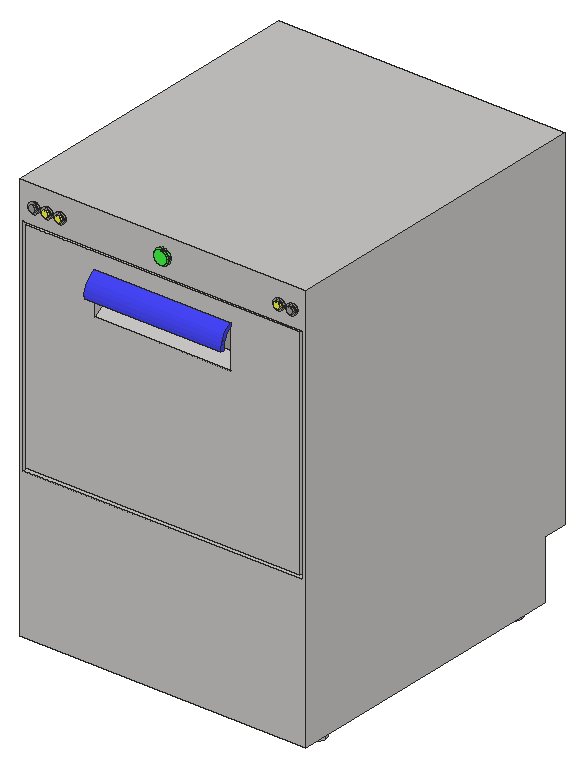
Revit family "QF_ELECTROLUXPROFESSIONAL_402274_EXSP", category Specialty Equipment, Revit 2018
Family settings
  Round Connector Dimension = Use Diameter
  Part Type = Normal
  Work Plane-Based = No
  Always vertical = Yes
  Cut with Voids When Loaded = No
  Shared = No
  Room Calculation Point = No
Parameters
  Weight = 34.50 kg
  Watts = 0 W
  Volts = 0 V
  URL Manufacturer = ""
  URL = "http://professional.electrolux.com/"
  Steam Supply Size = 0 mm
  Steam Supply Minimum Pressure = 0.0 Pa
  Steam Supply Maximum Pressure = 0.0 Pa
  Steam Pounds per Hour = 0
  Show Logo [instance] = yes
  Show Clearance [instance] = yes
  Refrigeration Suction Line Size = 0 mm
  Refrigeration Liquid Line Size = 0 mm
  Refrigerant Compressor Remote = yes
  Manufacturer = ""
  Phase = 0
  Model = ""
  Length Actual = 440 mm  # constant formula
  Item Number = ""
  Hot Water Size = 0 mm
  Height Actual = 640 mm  # constant formula
  HP = "0 HP"
  Gas Size = 0 mm
  Gas KW = 0
  Gas Input Pressure = 0 W
  Direct Waste Size = 29 mm
  Description = ""
  Depth Actual = 497 mm  # constant formula
  Cycle = 0 Hz
  Condensate Return Size = 0 mm
  Compressed Air Volume = 0.0 L/s
  Compressed Air Size = 0 mm
  Compressed Air Pressure = 0.0 Pa
  Cold Water Size = 0 mm
  Accessory = yes
Types (2, lengths in mm): name | Volts | URL Manufacturer | URL | Manufacturer | Phase | Model | Item Number | Description | Cycle | Cold Water Size
  (no name) | 0 V | "" | "http://professional.electrolux.com/" | "" | 0 | "" | "" | "" | 0 Hz | 0
  Standard | 220 V | "http://professional.electrolux.com" | "http://professional.electrolux.com" | "Electrolux Professional" | 1 | "EXSP" | "402274" | "GLASSWASHER(XS), SINGLE SKIN, DRAIN PUMP, 30B/H" | 50 Hz | 19.05
Reference planes
  plane 1 "Center (Front/Back)": y = 0
  plane 2: z = 0
  plane 3 "Center (Left/Right)": x = 0
  plane 4 "LEFT": x = -220
  plane 5 "RIGHT": x = 220
  plane 6 "FRONT": y = -248.5
  plane 7 "BACK": y = 248.5
  plane 8: z = 640
  plane 9: z = 10
  plane 10: y = 209.5
Forms (mm)
  Extrusion 1, solid, material "QF_Finishes_Stainless Steel"
    sketch origin (0, 0, 0) x (1, 0, 0) y (0, 1, 0)
      loop
        line (-220, -248.5) -> (220, -248.5) -> (220, 209.5) -> (-220, 209.5) -> (-220, -248.5)
    from 10 to 640
  Extrusion 2, solid, material "QF_Finishes_Stainless Steel"
    sketch origin (0, 0, 0) x (1, 0, 0) y (0, 1, 0)
      loop
        line (-220, 209.5) -> (220, 209.5) -> (220, 248.5) -> (-220, 248.5) -> (-220, 209.5)
    from 100 to 640
  Extrusion 3, solid, material "QF_Finishes_Stainless Steel"
    sketch origin (0, 0, 0) x (1, 0, 0) y (0, 1, 0)
      loop
        circle (-200.5, 174.5) r 12.5
      loop
        circle (200.5, 174.5) r 12.5
      loop
        circle (-200.5, -201.5) r 12.5
      loop
        circle (200.5, -201.5) r 12.5
    from 0 to 10
  Extrusion 4, void
    sketch origin (-220, -248.5, 0) x (-1, 0, 0) y (0, 0, 1)
      loop
        line (-5, 583.217) -> (-435, 583.217) -> (-435, 240) -> (-5, 240) -> (-5, 583.217)
    from 0 to 30
  Extrusion 5, solid, material "QF_Finishes_Stainless Steel"
    sketch origin (-155, -431, 752) x (0, 0, -1) y (1, 0, 0)
      loop
        circle (693, 223) r 10
    from -640.5 to -679.5
  Extrusion 6, solid, material "QF_Door-Drawer Clearances", visible <- "Show Clearance", detail levels coarse
    sketch origin (-230, -282.5, 0) x (0, 1, 0) y (0, 0, -1)
      loop
        line (34, -245) -> (-259, -245)
        arc (-259, -245) -> (-178.223, -469.983) -> (34, -580) r 327.223
        line (34, -580) -> (34, -245)
    from -20 to -440
  Extrusion 7, solid, material "QF_Finishes_Stainless Steel"
    sketch origin (-434.481, -431, 722) x (0, 0, -1) y (1, 0, 0)
      loop
        circle (663, 332.481) r 8
    from -640.5 to -679.5
  Extrusion 8, solid, material "QF_Finishes_Stainless Steel"
    sketch origin (-230, -282.5, 0) x (0, 1, 0) y (0, 0, -1)
      loop
        line (34, -245) -> (34, -580) -> (59, -580) -> (59, -245) -> (34, -245)
    from -19.799 to -440
  Extrusion 9, solid, material "QF_Finishes_Stainless Steel"
    sketch origin (-275, -431, 682.5) x (0, 0, -1) y (1, 0, 0)
      loop
        circle (663, 238) r 8
    from -640.5 to -679.5
  Extrusion 10, solid, material "QF_Finishes_Green"
    sketch origin (-230, -248.5, 0) x (1, 0, 0) y (0, 0, 1)
      loop
        circle (230, 610.819) r 12
      loop
        circle (230, 610.819) r 10
    from 0 to 2.5
  Extrusion 11, void
    sketch origin (-225.452, 209.5, 42.5) x (0, 1, 0) y (0, 0, 1)
      loop
        line (-458, 508.217) -> (-458, 447.5) -> (-436.349, 460) -> (-458, 508.217)
    from 120.452 to 330.452
  Extrusion 12, solid, material "QF_Finishes_Blue"
    sketch origin (-220, 209.5, 0) x (0, -1, 0) y (0, 0, 1)
      loop
        line (458, 555.863) -> (458, 550.513)
        arc (458, 550.513) -> (469.966, 539.801) -> (472.861, 524.005) r 24.803
        line (472.861, 524.005) -> (477.907, 524.005)
        arc (477.907, 524.005) -> (473.605, 543.465) -> (458, 555.863) r 29.803
    from -325 to -115
  Extrusion 13, solid, material "QF_Finishes_Green"
    sketch origin (234, -248.5, -28.75) x (-1, 0, 0) y (0, 0, -1)
      loop
        circle (234, -639.569) r 10
    from 0 to 5
  Extrusion 14, solid, material "QF_Finishes_Gray"
    sketch origin (109.577, -248.5, -30.575) x (-1, 0, 0) y (0, 0, -1)
      loop
        circle (306.936, -638.972) r 5
    from 0 to 5
  Extrusion 15, solid, material "QF_Finishes_Gray"
    sketch origin (-63.82, -248.5, -35.2) x (1, 0, 0) y (0, 0, 1)
      loop
        circle (262.936, 643.347) r 8
      loop
        circle (262.936, 643.347) r 5
      loop
        circle (242.936, 643.347) r 8
      loop
        circle (242.936, 643.347) r 5
    from 0 to 2.5
  Extrusion 16, solid, material "QF_Finishes_Gray"
    sketch origin (-87.82, -248.5, -30.825) x (1, 0, 0) y (0, 0, 1)
      loop
        circle (286.936, 638.972) r 5
    from 0 to 5
  Extrusion 17, solid, material "QF_Finishes_Gray"
    sketch origin (85.577, -248.5, -34.95) x (-1, 0, 0) y (0, 0, -1)
      loop
        circle (262.936, -643.347) r 8
      loop
        circle (262.936, -643.347) r 5
      loop
        circle (242.936, -643.347) r 8
      loop
        circle (242.936, -643.347) r 5
      loop
        circle (282.936, -643.347) r 8
      loop
        circle (282.936, -643.347) r 5
    from 0 to 2.5
  Extrusion 18, solid, material "QF_Finishes_Yellow"
    sketch origin (129.577, -248.5, -30.575) x (-1, 0, 0) y (0, 0, -1)
      loop
        circle (306.936, -638.972) r 5
    from 0 to 5
  Extrusion 19, solid, material "QF_Finishes_Yellow"
    sketch origin (149.577, -248.5, -30.575) x (-1, 0, 0) y (0, 0, -1)
      loop
        circle (306.936, -638.972) r 5
    from 0 to 5
  Extrusion 20, solid, material "QF_Finishes_Yellow"
    sketch origin (486.051, -248.5, -30.825) x (-1, 0, 0) y (0, 0, -1)
      loop
        circle (306.936, -638.972) r 5
    from 0 to 5
Cuts and joins
  Extrusion 4 cuts Extrusion 1
  joined: Extrusion 1, Extrusion 2
  Extrusion 11 cuts Extrusion 8
Lines and regions (mm)
  Split face 1
    outline origin (-220, -248.5, 640) x (0, 0, -1) y (1, 0, 0)
      loop
        line (56.783, 5) -> (56.783, 0)
      loop
        line (56.783, 435) -> (56.783, 440)
      loop
        line (22.034, 440) -> (22.034, 369.297)
        arc (22.034, 369.297) -> (22.64, 366.25) -> (24.366, 363.667) r 7.962
        line (24.366, 363.667) -> (44.289, 343.744)
        arc (44.289, 343.744) -> (46.135, 340.982) -> (46.783, 337.723) r 8.515
        line (46.783, 337.723) -> (46.783, 239.844)
        arc (46.783, 239.844) -> (46.096, 238.186) -> (44.439, 237.5) r 2.344
        line (44.439, 237.5) -> (15.017, 237.5)
        arc (15.017, 237.5) -> (12.73, 236.553) -> (11.783, 234.266) r 3.234
        line (11.783, 234.266) -> (11.783, 220) -> (11.783, 205.734)
        arc (11.783, 205.734) -> (12.73, 203.447) -> (15.017, 202.5) r 3.234
        line (15.017, 202.5) -> (44.439, 202.5)
        arc (44.439, 202.5) -> (46.096, 201.814) -> (46.783, 200.156) r 2.344
        line (46.783, 200.156) -> (46.783, 102.277)
        arc (46.783, 102.277) -> (46.135, 99.018) -> (44.289, 96.256) r 8.515
        line (44.289, 96.256) -> (24.366, 76.333)
        arc (24.366, 76.333) -> (22.64, 73.75) -> (22.034, 70.703) r 7.962
        line (22.034, 70.703) -> (22.034, 0)
  symbolic lines
    curve 1: line (-220, 248.5, 0) -> (220, 248.5, 0)
    curve 2: line (-220, -248.5, 0) -> (-220, 248.5, 0)
    curve 3: line (220, -248.5, 0) -> (-220, -248.5, 0)
    curve 4: line (220, 248.5, 0) -> (220, -248.5, 0)
    curve 8: line (-12, -251, 0) -> (12, -251, 0)
    curve 9: line (12, -251, 0) -> (12, -248.5, 0)
    curve 10: line (-12, -251, 0) -> (-12, -248.5, 0)
    curve 11: line (-10, -253.5, 0) -> (10, -253.5, 0)
    curve 12: line (10, -253.5, 0) -> (10, -251, 0)
    curve 13: line (-10, -253.5, 0) -> (-10, -251, 0)
    curve 16: line (-205.359, -251, 0) -> (-205.359, -248.5, 0)
    curve 17: line (-189.368, -251, 0) -> (-189.368, -248.5, 0)
    curve 18: line (-202.346, -253.5, 0) -> (-192.355, -253.5, 0)
    curve 19: line (-192.355, -253.5, 0) -> (-192.355, -251, 0)
    curve 20: line (-202.346, -253.5, 0) -> (-202.346, -251, 0)
    curve 21: line (-185.355, -251, 0) -> (-169.355, -251, 0)
    curve 22: line (-169.355, -251, 0) -> (-169.355, -248.5, 0)
    curve 23: line (-185.355, -251, 0) -> (-185.355, -248.5, 0)
    curve 24: line (-182.355, -253.5, 0) -> (-172.355, -253.5, 0)
    curve 25: line (-172.355, -253.5, 0) -> (-172.355, -251, 0)
    curve 26: line (-182.355, -253.5, 0) -> (-182.355, -251, 0)
    curve 27: line (-165.355, -251, 0) -> (-149.355, -251, 0)
    curve 28: line (-149.355, -251, 0) -> (-149.355, -248.5, 0)
    curve 29: line (-165.355, -251, 0) -> (-165.355, -248.5, 0)
    curve 30: line (-162.355, -253.5, 0) -> (-152.355, -253.5, 0)
    curve 31: line (-152.355, -253.5, 0) -> (-152.355, -251, 0)
    curve 32: line (-162.355, -253.5, 0) -> (-162.355, -251, 0)
    curve 33: line (171.115, -251, 0) -> (187.115, -251, 0)
    curve 34: line (187.115, -251, 0) -> (187.115, -248.5, 0)
    curve 35: line (174.115, -253.5, 0) -> (184.115, -253.5, 0)
    curve 36: line (184.115, -253.5, 0) -> (184.115, -251, 0)
    curve 37: line (174.115, -253.5, 0) -> (174.115, -251, 0)
    curve 38: line (171.115, -251, 0) -> (171.115, -248.5, 0)
    curve 39: line (191.115, -251, 0) -> (207.115, -251, 0)
    curve 40: line (207.115, -251, 0) -> (207.115, -248.5, 0)
    curve 41: line (194.115, -253.5, 0) -> (204.115, -253.5, 0)
    curve 42: line (204.115, -253.5, 0) -> (204.115, -251, 0)
    curve 43: line (194.115, -253.5, 0) -> (194.115, -251, 0)
    curve 44: line (191.115, -251, 0) -> (191.115, -248.5, 0)
    curve 45: line (-105, -248.5, 0) -> (-105, -268.634, 0)
    curve 46: line (105, -248.5, 0) -> (105, -268.634, 0)
    curve 47: line (105, -268.634, 0) -> (-105, -268.634, 0)
  symbolic lines, style "QF_Door-Drawer Clearances"
    curve 5: line (-210, -541.5, 0) -> (210, -541.5, 0)
    curve 6: line (210, -541.5, 0) -> (210, -248.5, 0)
    curve 7: line (-210, -541.5, 0) -> (-210, -248.5, 0)
  symbolic lines, style "SpecialityEquipmentHiddenLines"
    curve 14: line (-220, 209.5, 0) -> (220, 209.5, 0)
  symbolic lines, style "SpecialityEquipment"
    curve 15: line (-205.359, -251, 0) -> (-189.368, -251, 0)
Dimensions and locks
  equal spacing: plane 4 "LEFT", plane 3 "Center (Left/Right)", plane 5 "RIGHT"
  equal spacing: plane 7 "BACK", plane 1 "Center (Front/Back)", plane 6 "FRONT"
  plane 7 "BACK" to plane 6 "FRONT" = 497 mm
  plane 4 "LEFT" to plane 5 "RIGHT" = 440 mm
  locked: plane 9 to level at 10
  plane 4 "LEFT" to plane 3 "Center (Left/Right)" = 220 mm
  plane 8 to level = 640 mm  (x2)
  level to Extrusion 9 sketch curve = 19.5 mm
  Extrusion 9 sketch curve to plane 4 "LEFT" = 183 mm
  level to Extrusion 5 sketch curve = 59 mm
  Extrusion 5 sketch curve to plane 4 "LEFT" = 288 mm
  Extrusion 7 sketch curve to plane 4 "LEFT" = 118 mm
  level to Extrusion 7 sketch curve = 59 mm
  Extrusion 3 to cut or joined group of Extrusion 1, Extrusion 2, Extrusion 4 = 74 mm
  Extrusion 3 to Extrusion 3 = 376 mm
  plane 6 "FRONT" to Extrusion 3 = 47 mm
  plane 1 "Center (Front/Back)" to plane 6 "FRONT" = 248.5 mm
  locked: plane 7 "BACK" to plane 10 at 39
  plane 6 "FRONT" to curve 5 = 293 mm
  Extrusion 8 to cut or joined group of Extrusion 1, Extrusion 2, Extrusion 4 = 340 mm
  aligned and locked: level to plane 2
  aligned and locked: Extrusion 1 sketch curve to plane 6 "FRONT"
  aligned and locked: Extrusion 1 sketch curve to plane 4 "LEFT"
  aligned and locked: plane 5 "RIGHT" to Extrusion 1 sketch curve
  aligned and locked: Extrusion 1 to plane 9
  aligned and locked: Extrusion 2 sketch curve to Extrusion 1
  aligned and locked: plane 7 "BACK" to Extrusion 2 sketch curve
  aligned and locked: plane 5 "RIGHT" to Extrusion 2 sketch curve
  aligned and locked: plane 9 to Extrusion 3
  aligned and locked: cut or joined group of Extrusion 1, Extrusion 2, Extrusion 4 to plane 10
Automatic sketch dimensions
  Extrusion 11 sketch curve to plane 6 "FRONT" = 0 mm
  plane 6 "FRONT" to Extrusion 11 sketch curve = 21.651 mm
  Extrusion 11 sketch curve to plane 8 = 150 mm
  Extrusion 11 sketch curve to Extrusion 11 sketch curve = 12.5 mm
  Extrusion 11 sketch curve to Extrusion 11 sketch curve = 48.217 mm
  Extrusion 13 sketch curve to Extrusion 13 sketch curve = 0 mm  (x2)
  Extrusion 13 sketch curve to plane 3 "Center (Left/Right)" = 0 mm
  Extrusion 13 sketch curve to plane 8 = 29.181 mm
  plane 3 "Center (Left/Right)" to Extrusion 13 sketch curve = 10 mm
  Extrusion 14 sketch curve to Extrusion 14 sketch curve = 0 mm  (x2)
  Extrusion 14 sketch curve to plane 8 = 31.603 mm
  Extrusion 14 sketch curve to plane 3 "Center (Left/Right)" = 197.359 mm
  Extrusion 14 sketch curve to Extrusion 14 sketch curve = 5 mm
  Extrusion 15 sketch curve to Extrusion 15 sketch curve = 0 mm  (x5)
  plane 3 "Center (Left/Right)" to Extrusion 15 sketch curve = 179.115 mm
  Extrusion 15 sketch curve to Extrusion 15 sketch curve = 20 mm
  Extrusion 15 sketch curve to plane 8 = 31.853 mm
  Extrusion 16 sketch curve to plane 8 = 31.853 mm
  plane 3 "Center (Left/Right)" to Extrusion 16 sketch curve = 199.115 mm
  Extrusion 16 sketch curve to Extrusion 16 sketch curve = 5 mm
  Extrusion 17 sketch curve to Extrusion 17 sketch curve = 0 mm  (x8)
  Extrusion 17 sketch curve to plane 3 "Center (Left/Right)" = 157.359 mm
  Extrusion 17 sketch curve to Extrusion 17 sketch curve = 20 mm  (x2)
  Extrusion 17 sketch curve to plane 8 = 31.603 mm
  Extrusion 18 sketch curve to Extrusion 18 sketch curve = 0 mm  (x2)
  Extrusion 18 sketch curve to plane 8 = 31.603 mm
  Extrusion 18 sketch curve to plane 3 "Center (Left/Right)" = 177.359 mm
  Extrusion 18 sketch curve to Extrusion 18 sketch curve = 5 mm
  Extrusion 19 sketch curve to Extrusion 19 sketch curve = 0 mm  (x2)
  Extrusion 19 sketch curve to plane 3 "Center (Left/Right)" = 157.359 mm
  Extrusion 19 sketch curve to plane 8 = 31.603 mm
  Extrusion 19 sketch curve to Extrusion 19 sketch curve = 5 mm
  Extrusion 20 sketch curve to Extrusion 20 sketch curve = 0 mm  (x2)
  plane 3 "Center (Left/Right)" to Extrusion 20 sketch curve = 179.115 mm
  Extrusion 20 sketch curve to plane 8 = 31.853 mm
  Extrusion 20 sketch curve to Extrusion 20 sketch curve = 5 mm
  Extrusion 6 sketch curve to plane 6 "FRONT" = 0 mm
  Extrusion 6 sketch curve to plane 6 "FRONT" = 293 mm
  plane 6 "FRONT" to Extrusion 6 sketch curve = 34.083 mm
  Extrusion 6 sketch curve to plane 8 = 60 mm
  level to Extrusion 6 sketch curve = 254.557 mm
  Extrusion 1 sketch curve to plane 10 = 0 mm
  Extrusion 2 sketch curve to plane 10 = 0 mm
  plane 4 "LEFT" to Extrusion 3 sketch curve = 19.5 mm  (x2)
  Extrusion 3 sketch curve to plane 5 "RIGHT" = 19.5 mm  (x2)
  plane 6 "FRONT" to Extrusion 3 sketch curve = 47 mm  (x2)
  Extrusion 3 sketch curve to plane 10 = 35 mm  (x2)
  Extrusion 4 sketch curve to Extrusion 1 = 5 mm  (x2)
  Extrusion 4 sketch curve to Extrusion 1 = 230 mm
  Extrusion 4 sketch curve to Extrusion 1 = 56.783 mm
  Extrusion 8 sketch curve to plane 6 "FRONT" = 0 mm
  Extrusion 8 sketch curve to Extrusion 8 sketch curve = 25 mm
  Extrusion 8 sketch curve to plane 8 = 60 mm
  plane 9 to Extrusion 8 sketch curve = 235 mm
  Extrusion 10 sketch curve to Extrusion 10 sketch curve = 0 mm  (x2)
  Extrusion 1 to Extrusion 10 sketch curve = 29.181 mm
  Extrusion 1 to Extrusion 10 sketch curve = 220 mm
  Extrusion 12 sketch curve to Extrusion 12 sketch curve = 0 mm  (x2)
  Extrusion 12 sketch curve to Extrusion 1 = 0 mm
  Extrusion 12 sketch curve to Extrusion 1 = 9.669 mm
  Extrusion 1 to Extrusion 12 sketch curve = 14.861 mm
  Extrusion 12 sketch curve to Extrusion 12 sketch curve = 5.046 mm
  Extrusion 1 to Extrusion 12 sketch curve = 115.995 mm
  Extrusion 12 sketch curve to Extrusion 12 sketch curve = 3.668 mm
  cut or joined group of Extrusion 1, Extrusion 2, Extrusion 4 to Split face 1 sketch curve = 0 mm  (x2)
  Split face 1 sketch curve to cut or joined group of Extrusion 1, Extrusion 2, Extrusion 4 = 0 mm  (x6)
  cut or joined group of Extrusion 1, Extrusion 2, Extrusion 4 to Split face 1 sketch curve = 10 mm  (x2)
  Split face 1 sketch curve to Split face 1 sketch curve = 2.344 mm  (x2)
  Split face 1 sketch curve to Split face 1 sketch curve = 2.494 mm  (x2)
  Split face 1 sketch curve to Split face 1 sketch curve = 8.515 mm  (x2)
  cut or joined group of Extrusion 1, Extrusion 2, Extrusion 4 to Split face 1 sketch curve = 26.786 mm  (x2)
  Split face 1 sketch curve to Split face 1 sketch curve = 5.63 mm  (x2)
  Split face 1 sketch curve to Split face 1 sketch curve = 2.332 mm  (x2)
  Split face 1 sketch curve to cut or joined group of Extrusion 1, Extrusion 2, Extrusion 4 = 15.017 mm  (x2)
  Split face 1 sketch curve to cut or joined group of Extrusion 1, Extrusion 2, Extrusion 4 = 11.783 mm
  Split face 1 sketch curve to cut or joined group of Extrusion 1, Extrusion 2, Extrusion 4 = 65.703 mm
  Split face 1 sketch curve to Split face 1 sketch curve = 19.923 mm  (x2)
  Split face 1 sketch curve to Split face 1 sketch curve = 97.879 mm
  Split face 1 sketch curve to Split face 1 sketch curve = 14.266 mm  (x2)
  Split face 1 sketch curve to cut or joined group of Extrusion 1, Extrusion 2, Extrusion 4 = 97.277 mm
  curve 1 to plane 4 "LEFT" = 0 mm
  curve 7 to plane 6 "FRONT" = 0 mm
  curve 3 to plane 5 "RIGHT" = 0 mm
  curve 14 to plane 10 = 0 mm
  curve 2 to plane 7 "BACK" = 0 mm
  plane 4 "LEFT" to curve 5 = 10 mm
  curve 15 to plane 6 "FRONT" = 2.5 mm
  curve 7 to curve 15 = 4.641 mm
  curve 15 to curve 20 = 3.013 mm
  curve 18 to curve 18 = 9.991 mm
  curve 19 to curve 15 = 2.987 mm
  curve 15 to curve 21 = 4.013 mm
  curve 21 to curve 26 = 3 mm
  curve 24 to plane 6 "FRONT" = 5 mm
  curve 24 to curve 24 = 10 mm
  curve 25 to curve 22 = 3 mm
  curve 21 to curve 29 = 4 mm
  curve 27 to curve 32 = 3 mm
  curve 31 to plane 6 "FRONT" = 5 mm
  curve 30 to curve 31 = 10 mm
  curve 31 to curve 27 = 3 mm
  curve 8 to plane 6 "FRONT" = 2.5 mm
  curve 8 to plane 3 "Center (Left/Right)" = 12 mm
  curve 8 to curve 11 = 2 mm
  plane 3 "Center (Left/Right)" to curve 12 = 10 mm
  curve 12 to curve 9 = 2 mm
  curve 33 to plane 6 "FRONT" = 2.5 mm
  curve 33 to plane 5 "RIGHT" = 48.885 mm
  curve 33 to curve 37 = 3 mm
  curve 35 to plane 6 "FRONT" = 5 mm
  curve 35 to curve 35 = 10 mm
  curve 36 to curve 34 = 3 mm
  curve 33 to curve 39 = 4 mm
  curve 39 to curve 43 = 3 mm
  curve 42 to plane 6 "FRONT" = 5 mm
  curve 41 to curve 42 = 10 mm
  curve 42 to curve 39 = 3 mm
  curve 6 to plane 5 "RIGHT" = 10 mm
  curve 11 to curve 13 = 2.5 mm
  curve 20 to curve 20 = 2.5 mm
  curve 44 to plane 6 "FRONT" = 2.5 mm
  curve 21 to plane 6 "FRONT" = 2.5 mm
  curve 27 to plane 6 "FRONT" = 2.5 mm
  curve 27 to curve 45 = 44.355 mm
  curve 46 to plane 6 "FRONT" = 20.134 mm
  curve 46 to curve 33 = 66.115 mm
  radius of Extrusion 5 sketch curve = 10 mm
  radius of Extrusion 7 sketch curve = 8 mm
  radius of Extrusion 9 sketch curve = 8 mm
  radius of Extrusion 15 sketch curve = 8 mm  (x2)
  radius of Extrusion 15 sketch curve = 5 mm  (x2)
  radius of Extrusion 17 sketch curve = 8 mm  (x3)
  radius of Extrusion 17 sketch curve = 5 mm  (x3)
  radius of Extrusion 3 sketch curve = 12.5 mm  (x4)
  radius of Extrusion 10 sketch curve = 12 mm
  radius of Extrusion 10 sketch curve = 10 mm
Connectors
  piping at (68, 248.5, 59), diameter 20
    settings: on Extrusion 5, index 1, connector inside diameter 609.6 mm, connector length 0 mm, flow factor 0, pipe flow 0.0 L/s, pressure drop 0.0 Pa, fitting loss kfactor 0, connector angle 0.00°, fixture units 0, engagement length 0 mm, angle of deflection 0.00°, flow configuration 1, flow direction 1, fitting loss method 0, system type 16, joint type 0, gender type 0, connector reference index -1, connector utility 0, adjustable connector no, is connector primary yes, connector description "Drain"
  piping at (-102, 248.5, 59), driven by "Cold Water Size"
    settings: on Extrusion 7, index 3, connector diameter 0 mm, connector inside diameter 609.6 mm, connector length 0 mm, flow factor 0, pipe flow 0.0 L/s, pressure drop 0.0 Pa, fitting loss kfactor 0, connector angle 0.00°, fixture units 0, engagement length 0 mm, angle of deflection 0.00°, flow configuration 1, flow direction 1, fitting loss method 0, system type 20, joint type 0, gender type 0, connector reference index -1, connector utility 0, adjustable connector no, is connector primary no, connector description "Cold Water Inlet"
  electrical at (-37, 248.5, 19.5), driven by "Volts"
    settings: on Extrusion 9, index 4, voltage 0 V, apparent load 0 VA, apparent load phase1 0 VA, apparent load phase2 0 VA, apparent load phase3 0 VA, power factor 1, load classification "Altro", number of poles 1, system type 31, power factor state 1, is connector primary yes, connector utility no, sub classification motor no, connector description "Electrical Connection"
